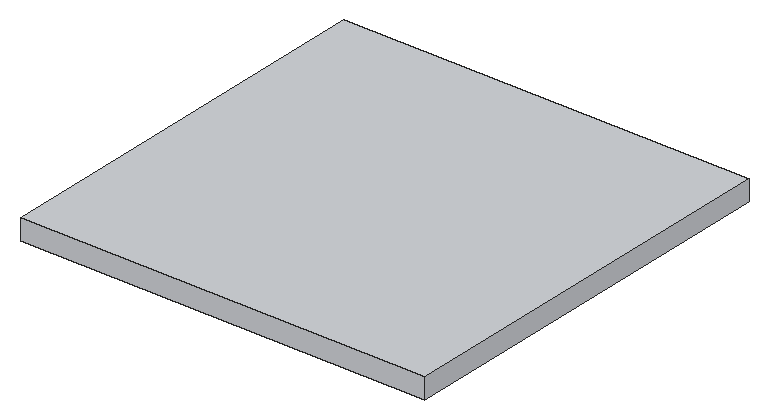
Revit family "Shelves", category Furniture, Revit 2021
Family settings
  OmniClass Number = 23.40.20.00
  OmniClass Title = General Furniture and Specialties
  Work Plane-Based = No
  Always vertical = Yes
  Cut with Voids When Loaded = No
  Shared = No
  Room Calculation Point = No
Parameters (values of type "Steel Shelf 400w x 400w")
  Width = 358 mm
  WarrantyStartDate [instance] = ""
  WarrantyGuarantorParts = "servicedept@bisley.com"  # constant formula
  WarrantyGuarantorLabor = "servicedept@bisley.com"  # constant formula
  WarrantyDurationUnit = "Year"  # constant formula
  WarrantyDurationParts = ""
  WarrantyDurationLabor = ""
  WarrantyDescription = "Standard Bisley Warranty"  # constant formula
  Version = ""
  Uniclass2015Version = "V1.1"  # constant formula
  Uniclass2015Title = "78 - Shelves and Storage Units"  # constant formula
  Uniclass2015Code = "PR_40_30_78_57"  # constant formula
  URL = "www.bisley.com"
  TagNumber [instance] = ""
  SustainabilityPerformance = "N/A"  # constant formula
  Size = ""
  Shape = "Rectangular"  # constant formula
  SerialNumber [instance] = ""
  Revision = ""
  ReplacementCost = "N/A"  # constant formula
  ProductInformation = ""
  NominalWidth = Width  # 358 mm
  NominalLength = Depth  # 358 mm
  NominalHeight = Height  # 18 mm
  Name = ""
  NBSTypeID = ""
  NBSReference = "45-35-80/360"
  NBSOfficeMasterTag = ""
  NBSDescription = "Office storage"
  ModelReference = ""
  ModelNumber = ""
  Material = "Steel"
  ManufacturerURL = "www.bisley.com"
  ManufacturerName = Author  # "Bisley"
  Manufacturer = "orders@bisley.com"  # constant formula
  Keynote = Uniclass2015Code  # "PR_40_30_78_57"
  InstallationDate [instance] = ""
  IfcExportType = ""
  IfcExportAs = ""
  Height = 18 mm
  Grade = "N/A"  # constant formula
  Finish = "Powder Coated Steel"  # constant formula
  Features = ""
  ExpectedLife = "10"  # constant formula
  DurationUnit = "Years"  # constant formula
  Depth = 358 mm
  Default Elevation = 0 mm
  Constituents = "N/A"  # constant formula
  Color = "Vision Pallete"  # constant formula
  CodePerformance = "N/A"  # constant formula
  Category = Uniclass2015Code  # "PR_40_30_78_57"
  BarCode [instance] = ""
  Author = "Bisley"  # constant formula
  AssetType = "Fixed"  # constant formula
  AssetIdentifier [instance] = "N/A"  # constant formula
  AccessibilityPerformance = "N/A"  # constant formula
Types (9, lengths in mm): name | Width | NominalWidth | NominalLength | Material | Depth
  Steel Shelf 1000w units | 468 | 468 | 358 | "Steel" | 358
  Steel Shelf 800w units | 368 | 368 | 358 | "Steel" | 358
  MFC Shelf 800w units | 368 | 368 | 358 | "MFC" | 358
  MFC Shelf 1000w units | 468 | 468 | 358 | "MFC" | 358
  Steel Shelf 1000w units 470 deep | 468 | 468 | 428 | "Steel" | 428
  MFC Shelf 1000w units 470d | 468 | 468 | 428 | "MFC" | 428
  MFC Shelf 800w units 470d | 368 | 368 | 428 | "MFC" | 428
  Steel Shelf 800w units 470d | 368 | 368 | 428 | "Steel" | 428
  Steel Shelf 400w x 400w | 358 | 358 | 358 | "Steel" | 358
Reference planes
  plane 1 "Center (Front/Back)": y = 0
  plane 2: z = 0
  plane 3 "Center (Left/Right)": x = 0
  plane 4: x = -179
  plane 5: y = -179
  plane 6: y = 179
  plane 7: x = 179
  plane 8: z = 18
Forms (mm)
  Extrusion 1, solid
    sketch origin (0, 0, 0) x (1, 0, 0) y (0, 1, 0)
      loop
        line (-179, 179) -> (-179, -179) -> (179, -179) -> (179, 179) -> (-179, 179)
    from 0 to 18
Dimensions and locks
  equal spacing: plane 4, plane 3 "Center (Left/Right)", plane 7
  "Width": plane 4 to plane 7
  equal spacing: plane 6, plane 1 "Center (Front/Back)", plane 5
  "Depth": plane 5 to plane 6
  "Height": plane 8 to level
  aligned and locked: level to plane 2
  aligned and locked: Extrusion 1 sketch curve to plane 6
  aligned and locked: plane 4 to Extrusion 1 sketch curve
  aligned and locked: Extrusion 1 sketch curve to plane 5
  aligned and locked: Extrusion 1 sketch curve to plane 7
  aligned and locked: plane 8 to Extrusion 1
  aligned and locked: Extrusion 1 to level
